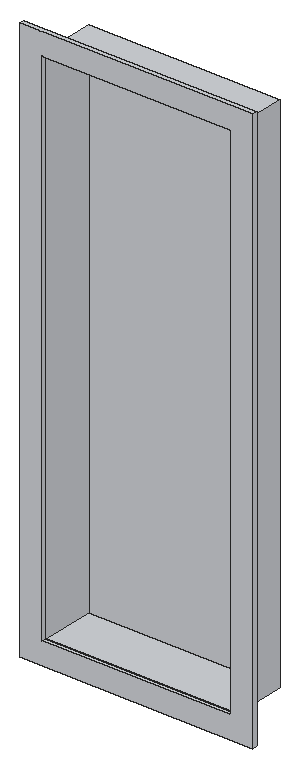
Revit family "Hager-VOLTA-Flush_mounted-Other-Without_Cover-Without_DIN-NoHosted-PL-en", category Electrical Equipment, Revit 2023
Family settings
  Panel Configuration = Two Columns, Circuits Across
  Round Connector Dimension = Use Diameter
  Part Type = Panelboard
  Work Plane-Based = Yes
  Always vertical = Yes
  Cut with Voids When Loaded = No
  Maintain Annotation Orientation = No
  Shared = No
  Room Calculation Point = No
Parameters (values of type "VOLTA-Flush_mounted_W348_H880_D98_12_Modular_Spacing-VU60NK")
  Width Control [instance] = if([HG000006-Flush mounted], if([EF000846 - Built-in width] > min_whd, [EF000846 - Built-in width], min_whd), if([EF000008 - Width] > min_whd, ([EF000008 - Width]), min_whd))  # 314 mm
  Void Depth [instance] = if([EF000218 - Built-in depth] > 1 mm, [EF000218 - Built-in depth], 1 mm)  # 90 mm
  Uniformat code = "D501001"
  Uniformat = "Low Tension Service & Dist."
  Référence = ""
  HG000131 - Functional label [instance] = ""
  HG000130 - Functional name [instance] = ""
  HG000099-Onfly Template ID = "507532"
  HG000059-Operating voltage [instance] = 230 V
  ETIM class name = "Small distribution board"
  ETIM class code = "EC000214"
  EF015941 - Signal passing door = no
  EF015777 - Neutral terminal block = no
  EF015776 - Earthing terminal block = no
  EF009212 - Cover model = ""
  EF006306 - With lock = no
  EF006244 - Transparent cover/door = no
  EF005474 - Degree of protection (IP) = "Other"
  EF004462 - Type of closure = "Other"
  EF002950 - Width in number of modular spacings = 12
  EF001596 - Housing material = ""
  EF001134 - DIN-rail = no
  EF001131 - Inner depth = 0 mm
  EF001088 - Extension possible = yes
  EF001062 - EMC-version = no
  EF000846 - Built-in width = 314 mm
  EF000339 - Type of covering = ""
  EF000332 - Built-in height = 865 mm
  EF000266 - Number of rows = 5
  EF000218 - Built-in depth = 90 mm
  EF000118 - With mounting plate = no
  EF000116 - RAL-number = 9010
  EF000049 - Depth = 98 mm
  EF000040 - Height = 880 mm
  EF000008 - Width = 348 mm
  EF000007 - Colour = "White"
  EF000003 - Mounting method = "Flush-mounted"
  EF004464 - Type of door = ""
  EF000024 - UV resistant = no
  Type Comments = ""
  System Height [instance] = Height Control - 2 * [HG000005-Thickness]  # 861 mm
  Reference description = ""
  Reference = "VOLTA-Flush_mounted_W348_H880_D98_12_Modular_Spacing-VU60NK"
  Panel Name [instance] = ""  # (empty or 0)
  Offset [instance] = 0 mm
  Object type = ""
  Name hager = "ADD_Enclosures_EC000214"
  Name BIM&CO = "Electricity"
  Name = "VOLTA-Flush_mounted-Other-Without_Cover-Without_DIN-PL"
  Model = ""
  Level Offset [instance] = [Flush Mounted - Door Frame Width] + Offset  # 15 mm
  HGEF002950-Width in number of modular spacings = 12
  HGEF000266-Number of rows = 5
  HG000060-RAL-number = "9010"
  HG000017-Distance between poles = 18 mm
  HG000016-Door 3D visibility = yes
  HG000015-Clearance visibility = yes
  HG000014-Door on the right = yes
  HG000013-Door on the left = not([HG000014-Door on the right])  # no
  HG000012-Door swing angle = 90.00°
  HG000011-Empty rows from bottom = no
  HG000010-Asymmetric doors = no
  HG000009-Double swing door = no
  HG000008-Number of empty rows = 0
  HG000007-Number of empty columns = 0
  HG000006-Flush mounted = yes
  HG000005-Thickness = 2 mm
  HG000004-Manufacturer reference = "VU60NK"
  HG000003-Range = "VOLTA"
  HG000002-With door or cover = no
  HG000001-Number of columns = 0
  GTIN (Global Trade Item Number) = ""
  Description = ""
  Default Elevation = 1200 mm
  Creation Date = "12/15/2025 21:47:11"
  Code hager = "ADD-EC000214_EU"
  Code Uniformat = ""
  BIM&CO code = ""
  BC_VARIANT_ID = "1174411"
  BC_OBJECT_VERSION = "#5"  # constant formula
  BC_OBJECT_ID = "513498"  # constant formula
  BC_MODEL_ID = "1547216"  # constant formula
  BC_METADATA = "{\"ObjectGuid\":\"bc35c96e-cb38-443e-833d-0616858cb9ac\",\"ModelGuid\":\"8af03f69-2293-4735-a617-cc53adf55621\",\"VariantGuid\":\"8b6e323b-1b53-409a-a940-11b5a7fc5337\",\"Revision\":\"#4\",\"VariantName\":\"Template-Enclosure_EU-EC000214\"}"
  Arrow Offset [instance] = Depth Control / 8  # 11.25 mm
  Arrow Height [instance] = Depth Control - Arrow Offset  # 78.75 mm
  Host Offset [instance] = if([HG000006-Flush mounted], 0 mm, [EF000049 - Depth])  # 0 mm
  min_whd [instance] = (2 * [HG000005-Thickness]) + 1 mm  # 5 mm
  Manufacturer = "Hager"  # constant formula
  Height Control [instance] = if([HG000006-Flush mounted], if([EF000332 - Built-in height] > min_whd, [EF000332 - Built-in height], min_whd), if([EF000040 - Height] > min_whd, ([EF000040 - Height]), min_whd))  # 865 mm
  Flush Mounted - Door Frame Width [instance] = if(([EF000040 - Height] - [EF000332 - Built-in height]) > 0 mm, if([HG000006-Flush mounted], [EF000040 - Height] - [EF000332 - Built-in height], 0 mm), 0 mm)  # 15 mm
  Depth Control [instance] = if([HG000006-Flush mounted], if([EF000218 - Built-in depth] > 0 mm, [EF000218 - Built-in depth], 1 mm), if([EF000049 - Depth] > 0 mm, ([EF000049 - Depth]), 1 mm))  # 90 mm
Types (5, lengths in mm): name | EF009212 - Cover model | EF004462 - Type of closure | EF001062 - EMC-version | EF000332 - Built-in height | EF000266 - Number of rows | EF000116 - RAL-number | EF000049 - Depth | EF000040 - Height | EF000008 - Width | EF000007 - Colour | System Height | Reference | Level Offset | HGEF000266-Number of rows | HG000060-RAL-number | HG000004-Manufacturer reference | BC_VARIANT_ID | Height Control | Flush Mounted - Door Frame Width
  VOLTA-Flush_mounted_W330_H355_D94_12_Modular_Spacing-VU12NK | "Closed" | "" | yes | 346 | 1 | 7035 | 94 | 355 | 330 | "Grey" | 342 | "VOLTA-Flush_mounted_W330_H355_D94_12_Modular_Spacing-VU12NK" | 9 | 1 | "7035" | "VU12NK" | "1174404" | 346 | 9
  VOLTA-Flush_mounted_W348_H505_D98_12_Modular_Spacing-VU24NK | "" | "Other" | no | 471 | 2 | 9010 | 98 | 505 | 348 | "White" | 467 | "VOLTA-Flush_mounted_W348_H505_D98_12_Modular_Spacing-VU24NK" | 34 | 2 | "9010" | "VU24NK" | "1174406" | 471 | 34
  VOLTA-Flush_mounted_W348_H630_D98_12_Modular_Spacing-VU36NK | "" | "Other" | no | 596 | 3 | 9010 | 98 | 630 | 348 | "White" | 592 | "VOLTA-Flush_mounted_W348_H630_D98_12_Modular_Spacing-VU36NK" | 34 | 3 | "9010" | "VU36NK" | "1174408" | 596 | 34
  VOLTA-Flush_mounted_W348_H755_D98_12_Modular_Spacing-VU48NK | "" | "Other" | no | 721 | 4 | 9010 | 98 | 755 | 348 | "White" | 717 | "VOLTA-Flush_mounted_W348_H755_D98_12_Modular_Spacing-VU48NK" | 34 | 4 | "9010" | "VU48NK" | "1174409" | 721 | 34
  VOLTA-Flush_mounted_W348_H880_D98_12_Modular_Spacing-VU60NK | "" | "Other" | no | 865 | 5 | 9010 | 98 | 880 | 348 | "White" | 861 | "VOLTA-Flush_mounted_W348_H880_D98_12_Modular_Spacing-VU60NK" | 15 | 5 | "9010" | "VU60NK" | "1174411" | 865 | 15
Reference planes
  plane 1 "Center (Front/Back)": y = 0
  plane 2: z = 0
  plane 3 "Center (Left/Right)": x = 0
  plane 4: y = 17
  plane 5: y = 90
  plane 6: y = 15
  plane 7: z = 0
  plane 8: x = -157
  plane 9: x = 157
  plane 10: x = 155
  plane 11: x = -155
  plane 12: z = 15
  plane 13: z = 17
  plane 14: y = 5
  plane 15: y = 0
  plane 16: y = 88
  plane 17: z = 878
  plane 18: z = 880
  plane 19: z = 447.5
  plane 20: x = 0
  plane 21: y = -100
  plane 22 "Annotation H": y = -300
  plane 23 "Annotation V": x = 357
Forms (mm)
  Extrusion 1, solid
    sketch origin (-208.679, -4572, 15) x (-1, 0, 0) y (0, -1, 0)
      loop
        line (-51.679, -4572) -> (-365.679, -4572) -> (-365.679, -4662) -> (-51.679, -4662) -> (-51.679, -4572)
    from 0 to 865 <- "Height Control"
  Extrusion 2, void
    sketch origin (-350.771, 0, 1219.2) x (1, 0, 0) y (0, 0, 1)
      loop
        line (195.771, -341.2) -> (195.771, -1202.2) -> (505.771, -1202.2) -> (505.771, -341.2) -> (195.771, -341.2)
    from 0 to -88
  Extrusion 3, solid, detail levels coarse+medium
    sketch origin (-350.771, 0, 1219.2) x (-1, 0, 0) y (0, 0, 1)
      loop
        line (-195.771, -341.2) -> (-505.771, -341.2) -> (-505.771, -1202.2) -> (-195.771, -1202.2) -> (-195.771, -341.2)
    from 0 to 2 <- "HG000005-Thickness"
Cuts and joins
  Extrusion 2 cuts Extrusion 1
Dimensions and locks
  "Flush Mounted - Door Frame Width": plane 1 "Center (Front/Back)" to plane 6
  "HG000005-Thickness": plane 4 to plane 6
  "HG000005-Thickness": plane 8 to plane 11
  "HG000005-Thickness": plane 9 to plane 10
  equal spacing: plane 8, plane 3 "Center (Left/Right)", plane 9
  "Width Control": plane 8 to plane 9
  locked: plane 14 to plane 15 at 5
  "Host Offset": plane 1 "Center (Front/Back)" to plane 15
  "Depth Control": plane 5 to plane 15
  "HG000005-Thickness": plane 5 to plane 16
  "HG000005-Thickness": plane 13 to plane 12
  "Level Offset": plane 12 to level
  "HG000005-Thickness": plane 18 to plane 17
  "Height Control": plane 18 to plane 12
  "Arrow Offset": plane 5 to nested 4
  equal spacing: plane 18, plane 19, plane 12
  locked: connector elem to plane 19
  locked: connector elem to plane 3 "Center (Left/Right)"
  Extrusion 2 sketch curve to Extrusion 2 sketch curve to plane 9 = 310 mm, 2 mm
  locked: plane 9 to plane 23 "Annotation V" at 200
  locked: plane 22 "Annotation H" to plane 1 "Center (Front/Back)" at 300
  aligned and locked: nested 1 to plane 14
  aligned and locked: plane 3 "Center (Left/Right)" to nested 1
  aligned and locked: plane 3 "Center (Left/Right)" to nested 2
  aligned and locked: nested 2 to plane 15
  aligned and locked: plane 5 to Extrusion 1
  aligned and locked: Extrusion 3 sketch curve to plane 17
  aligned and locked: Extrusion 3 sketch curve to plane 11
  aligned and locked: plane 13 to Extrusion 3 sketch curve
  aligned and locked: Extrusion 3 sketch curve to plane 10
  aligned and locked: plane 13 to Extrusion 2 sketch curve
  aligned and locked: Extrusion 2 sketch curve to plane 17
  aligned and locked: plane 16 to Extrusion 2
  aligned and locked: plane 5 to Extrusion 1 sketch curve
  aligned and locked: plane 9 to Extrusion 1 sketch curve
  aligned and locked: plane 8 to Extrusion 1 sketch curve
  aligned and locked: plane 8 to nested 4
  aligned and locked: plane 8 to nested 3
  aligned and locked: nested 3 to plane 5
  aligned and locked: Extrusion 1 sketch curve to plane 15
  aligned and locked: Extrusion 2 to plane 15
  aligned and locked: nested 5 to plane 22 "Annotation H"
  aligned and locked: plane 23 "Annotation V" to nested 5
  aligned and locked: plane 11 to Extrusion 2
  aligned and locked: plane 10 to Extrusion 2
Nested families
  nested 1: "Hager_Enclosure_System" at (0, 5, 17), Flush_Mounted <- "HG000006-Flush mounted", Height <- "System Height", Width_Control <- "Width Control", Row_Module_Multiplicator <- "HGEF002950-Width in number of modular spacings", Empty_Columns <- "HG000007-Number of empty columns", Border <- "HG000005-Thickness", Total_No_Empty_Rows <- "HG000008-Number of empty rows", Depth <- "HG000005-Thickness", Empty_Rows_From_Bottom <- "HG000011-Empty rows from bottom", Distance_Between_Poles <- "HG000017-Distance between poles", Rows_Count <- "HGEF000266-Number of rows", Columns_Count <- "HG000001-Number of columns", Built-in_Width <- "EF000846 - Built-in width", Width <- "EF000008 - Width", type "Hager_Enclosure_System", detail levels medium+fine
    with Width_Control 314 mm, Width 348 mm, Total_No_Rows 5, Total_No_Empty_Rows 0, Total_No_Columns 1, System_Width 310 mm, Rows_Count 5, Rows_Column 5, Row_Module_Multiplicator 12, Panel_4 no, Panel_3 no, Panel_2 no, Panel_1 no, No_Panels_Ctrl 1, Hide_Columns yes, Height 861 mm, Flush_Mounted yes, Empty_Rows_From_Bottom no, Empty_Rows_Column 0, Empty_Columns 0, Empty column 4 0, Empty column 3 0, Empty column 2 0, Empty column 1 0, Distance_Between_Poles 18 mm, Depth 2 mm, Columns_Count 0, Column_Width 310 mm, Built-in_Width 314 mm, Border 2 mm
  nested 2: "Hager_Enclosure_Door" at (0, 0, 15), Double <- "HG000009-Double swing door", Height_Ctrl <- "Height Control", Angle <- "HG000012-Door swing angle", Door_Right <- "HG000014-Door on the right", Assymetrical <- "HG000010-Asymmetric doors", Flush_Mounted <- "HG000006-Flush mounted", Door <- "HG000002-With door or cover", Width_Ctrl <- "Width Control", 3d_Door <- "HG000016-Door 3D visibility", Border <- "HG000005-Thickness", Clearance <- "HG000015-Clearance visibility", Door_Left <- "HG000013-Door on the left", BuiltIn_Depth <- "EF000218 - Built-in depth", Depth <- "EF000049 - Depth", BuiltIn_Width <- "EF000846 - Built-in width", Height <- "EF000040 - Height", BuiltIn_Height <- "EF000332 - Built-in height", Width <- "EF000008 - Width", Transparent <- "EF006244 - Transparent cover/door", type "Hager_Enclosure_Door", detail levels medium+fine
    with min_wh 5 mm, Width_Ctrl 314 mm, Width 348 mm, Transparent_Door_No_Bottom_Border no, Transparent no, Leaf_Width 307 mm, Leaf_Tolerance 1.5 mm, Leaf_Height 858 mm, Leaf_2_Width 307 mm, Leaf_2_Offset 153.5 mm, Leaf_1_Width 307 mm, Leaf_1_Offset 153.5 mm, Height_Ctrl 865 mm, Height 880 mm, Frame_Width_Ctrl 34 mm, Frame_Width 34 mm, Frame_Internal_Offset 2 mm, Frame_Height_Ctrl 15 mm, Frame_Height 15 mm, Frame_Depth_Ctrl 8 mm, Frame_Depth 8 mm, Flush_Mounted yes, Double_Clearance_Ctrl no, Double no, Door_Right_Ctrl no, Door_Right yes, Door_Left_Ctrl no, Door_Left no, Door no, Depth 98 mm, Clearance_Depth 307 mm, Clearance_Ctrl yes, Clearance yes, BuiltIn_Width 314 mm, BuiltIn_Height 865 mm, BuiltIn_Depth 90 mm, Border 2 mm, Assymetrical no, Angle 90.00°, 3d_Door yes
  nested 3: "Hager_Enclosure_Symbol_Triangle" at (-157, 90, 0), Depth <- "Depth Control", Width <- "Width Control", type "Hager_Enclosure_Symbol_Triangle"
    with Width_Ctrl 314 mm, Width 314 mm, Depth_Ctrl 90 mm, Depth 90 mm
  nested 4: "Hager_Enclosure_Symbol_Arrow" at (-157, 78.75, 0), Height <- "Arrow Height", type "Hager_Enclosure_Symbol_Arrow"
    with Width_Inside 5.906 mm, Width 70.875 mm, Height_Ctrl 78.75 mm, Height 78.75 mm
  nested 5: "Hager_Annotation-HG000130" at (357, -300, 0), HG000130 - Functional name <- "HG000130 - Functional name", type "Hager_Annotation-HG000130"
    with HG000130 - Functional name ""
Connectors
  electrical at (0, 90, 447.5), driven by "HG000059-Operating voltage"
    settings: on plane 5, index 1, voltage 230 V, apparent load 0 VA, apparent load phase1 0 VA, apparent load phase2 0 VA, apparent load phase3 0 VA, power factor 1, load classification "Other", number of poles 1, system type 30, power factor state 1, is connector primary yes, connector utility no, sub classification motor no, connector description ""
Definition of nested family "Hager_Enclosure_Door"
  Parameters (values of type "Hager_Enclosure_Door")
    min_wh [instance] = (2 * Border) + 1 mm  # 11 mm
    Width_Ctrl [instance] = 400 mm
    Width [instance] = 500 mm
    Transparent_Door_No_Bottom_Border [instance] = no
    Transparent [instance] = yes
    Leaf_Width [instance] = if((Width_Ctrl - 2 * Border - 2 * Leaf_Tolerance) > 0 mm, (Width_Ctrl - 2 * Border - 2 * Leaf_Tolerance), min_wh)  # 387 mm
    Leaf_Tolerance [instance] = 1.5 mm  # constant formula
    Leaf_Height [instance] = if((Height_Ctrl - 2 * Border - 2 * Leaf_Tolerance) > 0 mm, (Height_Ctrl - 2 * Border - 2 * Leaf_Tolerance), min_wh)  # 387 mm
    Leaf_2_Width [instance] = if(and(and(Double, Assymetrical), Door_Left), (Leaf_Width / 3) - (Leaf_Tolerance / 2), if(and(and(Double, Assymetrical), Door_Right), (Leaf_Width / 3) * 2 - (Leaf_Tolerance / 2), if(and(Double, not(Assymetrical)), (Leaf_Width / 2) - Leaf_Tolerance, Leaf_Width)))  # 387 mm
    Leaf_2_Offset [instance] = if(and(Double, Assymetrical), Leaf_2_Width / 2, if(and(Double, not(Assymetrical)), Leaf_Width / 4, Leaf_Width / 2))  # 193.5 mm
    Leaf_1_Width [instance] = if(and(and(Double, Assymetrical), Door_Right), (Leaf_Width / 3) - (Leaf_Tolerance / 2), if(and(and(Double, Assymetrical), Door_Left), (Width / 3) * 2 - (Leaf_Tolerance / 2), if(and(Double, not(Assymetrical)), (Leaf_Width / 2) - Leaf_Tolerance, Leaf_Width)))  # 387 mm
    Leaf_1_Offset [instance] = if(and(Double, Assymetrical), Leaf_1_Width / 2, if(and(Double, not(Assymetrical)), Leaf_Width / 4, Leaf_Width / 2))  # 193.5 mm
    Height_Ctrl [instance] = 400 mm
    Height [instance] = 500 mm
    Frame_Width_Ctrl [instance] = if(Frame_Width > 0 mm, Frame_Width, 1 mm)  # 1 mm
    Frame_Width [instance] = Width - BuiltIn_Width  # 0 mm
    Frame_Internal_Offset [instance] = if(Flush_Mounted, Border, 0 mm)  # 5 mm
    Frame_Height_Ctrl [instance] = if(Frame_Height > 0 mm, Frame_Height, 1 mm)  # 1 mm
    Frame_Height [instance] = Height - BuiltIn_Height  # 0 mm
    Frame_Depth_Ctrl [instance] = if(Frame_Depth > 0 mm, Frame_Depth, 1 mm)  # 1 mm
    Frame_Depth [instance] = if(Depth - BuiltIn_Depth > 0 mm, if(Flush_Mounted, Depth - BuiltIn_Depth, 0 mm), 0 mm)  # 0 mm
    Flush_Mounted [instance] = yes
    Double_Clearance_Ctrl [instance] = and(Double, Clearance)  # no
    Double [instance] = no
    Door_Right_Ctrl [instance] = and(or(Door_Right, Double), Door)  # yes
    Door_Right [instance] = yes
    Door_Left_Ctrl [instance] = and(or(Door_Left, Double), Door)  # no
    Door_Left [instance] = no
    Door [instance] = yes
    Depth [instance] = 500 mm
    Default Elevation = 1219.2 mm
    Clearance_Material = none
    Clearance_Depth [instance] = if(Leaf_1_Width > Leaf_2_Width, Leaf_1_Width, Leaf_2_Width)  # 387 mm
    Clearance_Ctrl [instance] = and(not(Double), Clearance)  # yes
    Clearance [instance] = yes
    BuiltIn_Width [instance] = 500 mm
    BuiltIn_Height [instance] = 500 mm
    BuiltIn_Depth [instance] = 500 mm
    Border [instance] = 5 mm
    Assymetrical [instance] = yes
    Angle [instance] = 30.00°
    3d_Door [instance] = yes
  Reference planes
    plane 1 "Center (Front/Back)": y = 0
    plane 2 "Bottom": z = 0
    plane 3 "Center (Left/Right)": x = 0
    plane 4: z = 400
    plane 5: x = -200
    plane 6: x = 200
    plane 7: z = 395
    plane 8: x = -195
    plane 9: z = 5
    plane 10: x = 195
    plane 11: y = 0
    plane 12: z = 6.5
    plane 13: x = -582
    plane 14: y = -387
    plane 15: x = 582
    plane 16: x = 0
    plane 17: x = 0
    plane 18: x = -193.5
    plane 19: x = 193.5
    plane 20: z = 393.5
  Forms (mm)
    Extrusion 1, solid, visible <- "Flush_Mounted"
      sketch origin (0, 0, 0) x (1, 0, 0) y (0, 0, 1)
        loop
          line (195, 5) -> (195, 395) -> (-195, 395) -> (-195, 5) -> (195, 5)
        loop
          line (-201, 401) -> (-201, -1) -> (201, -1) -> (201, 401) -> (-201, 401)
      from 0 to 1 <- "Frame_Depth_Ctrl"
    Extrusion 2, solid, material <- "Clearance_Material", visible <- "Double_Clearance_Ctrl"
      sketch origin (1200, 0, 0) x (1, 0, 0) y (0, 0, -1)
        loop
          line (-1782, -393.5) -> (-618, -393.5) -> (-618, 0) -> (-1782, 0) -> (-1782, -393.5)
      from 0 to -387
  Dimensions and locks
    equal spacing: plane 5, plane 3 "Center (Left/Right)", plane 6
    "Width_Ctrl": plane 5 to plane 6
    "Border": plane 5 to plane 8
    "Border": plane 6 to plane 10
    "Border": plane 9 to level
    "Border": plane 4 to plane 7
    "Height_Ctrl": plane 4 to level
    "Leaf_Tolerance": plane 12 to plane 9
    "Frame_Depth": plane 11 to plane 1 "Center (Front/Back)"
    "Frame_Width_Ctrl": plane 5 to Extrusion 1 sketch curve
    "Frame_Width_Ctrl": plane 6 to Extrusion 1 sketch curve
    "Frame_Width_Ctrl": Extrusion 1 sketch curve to plane 4
    "Frame_Width_Ctrl": plane 2 "Bottom" to Extrusion 1 sketch curve
    "Leaf_1_Offset": plane 18 to plane 16
    "Leaf_2_Offset": plane 17 to plane 19
    "Leaf_1_Width": plane 13 to plane 8
    "Leaf_2_Width": plane 10 to plane 15
    "Clearance_Depth": plane 14 to plane 1 "Center (Front/Back)"
    "Leaf_Tolerance": plane 8 to plane 18
    "Leaf_Tolerance": plane 19 to plane 10
    "Leaf_Tolerance": plane 7 to plane 20
    "Frame_Internal_Offset": plane 5 to Extrusion 1 sketch curve
    "Frame_Internal_Offset": Extrusion 1 sketch curve to plane 2 "Bottom"
    "Frame_Internal_Offset": plane 6 to Extrusion 1 sketch curve
    "Frame_Internal_Offset": plane 4 to Extrusion 1 sketch curve
    aligned and locked: level to plane 2 "Bottom"
    aligned and locked: nested 1 to plane 16
    aligned and locked: nested 2 to plane 17
    aligned and locked: Extrusion 2 to plane 13
    aligned and locked: plane 15 to Extrusion 2
    aligned and locked: Extrusion 2 to plane 14
    aligned and locked: plane 12 to nested 1
    aligned and locked: nested 2 to plane 12
    aligned and locked: Extrusion 2 to plane 11
    aligned and locked: plane 20 to Extrusion 2
    aligned and locked: nested 2 to plane 11
    aligned and locked: nested 1 to plane 11
  Automatic sketch dimensions
    Extrusion 2 sketch curve to level = 0 mm
    plane 5 to Extrusion 2 sketch curve = 382 mm
    plane 6 to Extrusion 2 sketch curve = 382 mm
    Extrusion 2 sketch curve to plane 4 = 6.5 mm
  Nested families
    nested 1: "Hager_Enclosure_Door_Leaf" at (0, 0, 6.5), Width <- "Leaf_1_Width", visible <- "Door_Left_Ctrl", Leaf_Height <- "Leaf_Height", Angle <- "Angle", Depth <- "Border", 3d_Door <- "3d_Door", Transparent <- "Transparent", Clearance Material <- "Clearance_Material", Clearance <- "Clearance_Ctrl", Transparent_Door_No_Bottom_Border <- "Transparent_Door_No_Bottom_Border", type "Hager_Enclosure_Door_Leaf"
      with Width 387 mm, Transparent_Door_No_Bottom_Border no, Transparent_Door_Border_Bottom_Top 25 mm, Transparent_Door_Border 25 mm, Transparent_Ctrl yes, Transparent yes, Standard no, Leaf_Height 387 mm, Glass_Offset 1 mm, Depth 5 mm, Clearance Material none, Clearance yes, Angle_Ctrl 30.00°, Angle 30.00°, 3d_Door yes
    nested 2: "Hager_Enclosure_Door_Leaf" at (0, 0, 6.5) x (-1, 0, 0) z (0, 0, 1), Width <- "Leaf_2_Width", visible <- "Door_Right_Ctrl", Leaf_Height <- "Leaf_Height", Angle <- "Angle", Depth <- "Border", 3d_Door <- "3d_Door", Transparent <- "Transparent", Clearance Material <- "Clearance_Material", Clearance <- "Clearance_Ctrl", Transparent_Door_No_Bottom_Border <- "Transparent_Door_No_Bottom_Border", type "Hager_Enclosure_Door_Leaf"
      with Width 387 mm, Transparent_Door_No_Bottom_Border no, Transparent_Door_Border_Bottom_Top 25 mm, Transparent_Door_Border 25 mm, Transparent_Ctrl yes, Transparent yes, Standard no, Leaf_Height 387 mm, Glass_Offset 1 mm, Depth 5 mm, Clearance Material none, Clearance yes, Angle_Ctrl 30.00°, Angle 30.00°, 3d_Door yes
  Definition of nested family "Hager_Enclosure_Door_Leaf"
    Parameters (values of type "Hager_Enclosure_Door_Leaf")
      Width [instance] = 2000 mm
      Transparent_Door_No_Bottom_Border [instance] = yes
      Transparent_Door_Border_Bottom_Top [instance] = if(Transparent_Door_No_Bottom_Border, 0.1 mm, Transparent_Door_Border)  # 0.1 mm
      Transparent_Door_Border [instance] = if(Transparent_Door_No_Bottom_Border, (Width * 0.12), 25 mm)  # 240 mm
      Transparent_Ctrl [instance] = and(Transparent, [3d_Door])  # yes
      Transparent [instance] = yes
      Standard [instance] = and(not(Transparent), [3d_Door])  # no
      Leaf_Height [instance] = 2720.336 mm
      Glass_Offset [instance] = if((Depth - 10 mm) / 2 > 0 mm, (Depth - 10 mm) / 2, 1 mm)  # 15 mm
      Glass_Material = none
      Depth [instance] = 40 mm
      Default Elevation = 0 mm
      Clearance Material [instance] = none
      Clearance [instance] = yes
      Angle_Ctrl [instance] = if(Angle > 170.00°, 170.00°, Angle)  # 45.00°
      Angle [instance] = 45.00°
      3d_Door [instance] = yes
    Reference planes
      plane 1 "Center (Front/Back)": y = 0
      plane 2: z = 0
      plane 3 "Center (Left/Right)": x = 0
      plane 4: y = 2000
      plane 5: x = -1000
      plane 6: x = 1000
      plane 7: x = -3000
      plane 8: z = 2720.336
      plane 9: z = 0.1
      plane 10: z = 2720.236
      plane 11: x = 760
      plane 12: x = -760
    Forms (mm)
      Extrusion 1, solid, material <- "Clearance Material", visible <- "Clearance"
        sketch origin (0, 0, 0) x (1, 0, 0) y (0, 0, 1)
          loop
            line (-3000, 2720.336) -> (-3000, 0) -> (1000, 0) -> (1000, 2720.336) -> (-3000, 2720.336)
        from 0 to -2000
      Extrusion 2, solid, visible <- "Standard", detail levels medium+fine
        sketch origin (-1000, 0, 0) x (0.707107, 0.707107, 0) y (-0.707107, 0.707107, 0)
          loop
            line (0, -40) -> (2000, -40) -> (2000, 0) -> (0, 0) -> (0, -40)
        from 0 to 2720.336 <- "Leaf_Height"
      Extrusion 3, solid, visible <- "Transparent_Ctrl", detail levels medium+fine
        sketch origin (-1000, 0, 0) x (0.707107, 0.707107, 0) y (-0.707107, 0.707107, 0)
          loop
            line (0, -40) -> (2000, -40) -> (2000, 0) -> (0, 0) -> (0, -40)
        from 0 to 2720.336 <- "Leaf_Height"
      Extrusion 4, void, detail levels medium+fine
        sketch origin (-1000, 0, 0) x (-0.707107, 0.707107, 0) y (0.707107, 0.707107, 0)
          loop
            line (0, 240) -> (0, 1760) -> (-40, 1760) -> (-40, 240) -> (0, 240)
        from -2720.236 to -0.1
      Extrusion 5, solid, material <- "Glass_Material", visible <- "Transparent_Ctrl", detail levels medium+fine
        sketch origin (-1000, 0, 0) x (0.707107, 0.707107, 0) y (-0.707107, 0.707107, 0)
          loop
            line (240, -15) -> (240, -25) -> (1760, -25) -> (1760, -15) -> (240, -15)
        from 0.1 to 2720.236
    Cuts and joins
      Extrusion 4 cuts Extrusion 3
    Lines and regions (mm)
      symbolic lines
        curve 1: line (1000, 0, 0) -> (-3000, 0, 0)
        curve 2: arc (1000, 0, 0) -> (-1000, 2000, 0) -> (-3000, 0, 0) r 2000
        curve 4: line (-1000, 0, 0) -> (414.214, 1414.214, 0)
      reference lines
        curve 3: line (-1000, 0, 0) -> (414.214, 1414.214, 0)
      symbolic lines, detail levels medium+fine
        curve 5: line (414.214, 1414.214, 0) -> (442.498, 1385.929, 0)
        curve 6: line (442.498, 1385.929, 0) -> (-971.716, -28.284, 0)
        curve 7: line (-971.716, -28.284, 0) -> (-1000, 0, 0)
        curve 8: line (-1000, 0, 2720.336) -> (1000, 0, 2720.336)
        curve 9: line (-1000, 0, 0) -> (-1000, 0, 2720.336)
        curve 10: line (1000, 0, 0) -> (-1000, 0, 0)
        curve 11: line (1000, 0, 2720.336) -> (1000, 0, 0)
      symbolic lines, visible <- "Transparent_Ctrl", detail levels medium+fine
        curve 12: line (-760, 0, 2720.236) -> (760, 0, 2720.236)
        curve 13: line (-760, 0, 0.1) -> (-760, 0, 2720.236)
        curve 14: line (760, 0, 0.1) -> (-760, 0, 0.1)
        curve 15: line (760, 0, 2720.236) -> (760, 0, 0.1)
    Dimensions and locks
      "Width": plane 1 "Center (Front/Back)" to plane 4
      equal spacing: plane 5, plane 3 "Center (Left/Right)", plane 6
      "Width": plane 5 to plane 6
      "Width": plane 7 to plane 5
      "Leaf_Height": plane 8 to level
      "Depth": curve 6 to curve 3
      "Width": curve 5 to curve 3
      "Width": curve 3 to curve 3
      "Transparent_Door_Border": Extrusion 4 sketch curve to curve 7
      "Transparent_Door_Border": Extrusion 4 sketch curve to curve 5
      "Transparent_Door_Border_Bottom_Top": plane 8 to plane 10
      "Transparent_Door_Border_Bottom_Top": plane 9 to level
      "Glass_Offset": Extrusion 5 sketch curve to curve 4
      "Glass_Offset": Extrusion 5 sketch curve to curve 6
      "Transparent_Door_Border": Extrusion 5 sketch curve to curve 5
      "Transparent_Door_Border": Extrusion 5 sketch curve to curve 7
      "Transparent_Door_Border": plane 12 to plane 5
      "Transparent_Door_Border": plane 6 to plane 11
      "Angle_Ctrl": angle plane 1 "Center (Front/Back)" to curve 3
      aligned and locked: level to plane 2
      aligned and locked: Extrusion 1 to curve 1
      aligned and locked: plane 6 to Extrusion 1
      aligned and locked: Extrusion 1 to plane 1 "Center (Front/Back)"
      aligned and locked: plane 4 to Extrusion 1
      aligned and locked: plane 8 to Extrusion 1
      aligned and locked: curve 4 to curve 3
      aligned and locked: Extrusion 2 sketch curve to curve 7
      aligned and locked: Extrusion 2 sketch curve to curve 6
      aligned and locked: Extrusion 2 sketch curve to curve 5
      aligned and locked: Extrusion 2 sketch curve to curve 3
      aligned and locked: curve 7 to Extrusion 3 sketch curve
      aligned and locked: Extrusion 3 sketch curve to curve 4
      aligned and locked: Extrusion 3 sketch curve to curve 6
      aligned and locked: Extrusion 3 sketch curve to curve 5
      aligned and locked: curve 4 to Extrusion 4 sketch curve
      aligned and locked: curve 6 to Extrusion 4 sketch curve
      aligned and locked: Extrusion 4 to plane 9
      aligned and locked: Extrusion 4 to plane 10
      aligned and locked: Extrusion 5 to plane 9
      aligned and locked: Extrusion 5 to plane 10
      aligned and locked: curve 8 to plane 8
      aligned and locked: plane 5 to curve 9
      aligned and locked: plane 2 to curve 10
      aligned and locked: curve 11 to plane 6
      aligned and locked: plane 10 to curve 12
      aligned and locked: plane 12 to curve 13
      aligned and locked: curve 14 to plane 9
      aligned and locked: plane 11 to curve 15
    Automatic sketch dimensions
      plane 1 "Center (Front/Back)" to curve 2 = 0 mm
      curve 2 to plane 5 = 0 mm
      Extrusion 1 sketch curve to level = 0 mm
      Extrusion 1 sketch curve to plane 7 = 0 mm
      Extrusion 1 sketch curve to plane 6 = 0 mm
      Extrusion 1 sketch curve to plane 8 = 0 mm
      plane 1 "Center (Front/Back)" to curve 3 = 0 mm
      curve 3 to plane 5 = 0 mm
      curve 7 to curve 3 = 0 mm
Definition of nested family "Hager_Enclosure_Symbol_Triangle"
  Parameters (values of type "Hager_Enclosure_Symbol_Triangle")
    Width_Ctrl [instance] = if(Width > 1 mm, Width, 1 mm)  # 498 mm
    Width [instance] = 498 mm
    Depth_Ctrl [instance] = if(Depth > 1 mm, Depth, 1 mm)  # 72 mm
    Depth [instance] = 72 mm
  Reference planes
    plane 1 "Centre (avant/arrière)": y = 0
    plane 2: z = 0
    plane 3 "Centre (gauche/droite)": x = 0
  Lines and regions (mm)
    Filled region 1, type "Solid_Black", in view "Niveau de réf."
      outline origin (0, 0, 0) x (1, 0, 0) y (0, 1, 0)
        loop
          line (0, 0) -> (498, 0) -> (498, 72) -> (0, 0)
    reference lines, in view "Niveau de réf."
      curve 1: line (-206.153, 72, 0) -> (1083.258, 72, 0)
      curve 2: line (498, 405.456, 0) -> (498, -517.619, 0)
  Dimensions and locks
    "Depth_Ctrl": plane 1 "Centre (avant/arrière)" to curve 1
    "Width_Ctrl": plane 3 "Centre (gauche/droite)" to curve 2
    aligned and locked: curve 1 to Filled region 1 sketch curve
    aligned and locked: Filled region 1 sketch curve to plane 1 "Centre (avant/arrière)"
    aligned and locked: curve 2 to Filled region 1 sketch curve
    aligned and locked: plane 3 "Centre (gauche/droite)" to Filled region 1 sketch curve
    aligned and locked: plane 1 "Centre (avant/arrière)" to Filled region 1 sketch curve
  Automatic sketch dimensions
    curve 1 to plane 3 "Centre (gauche/droite)" = 206.153 mm
    curve 2 to curve 1 = 585.258 mm
    plane 1 "Centre (avant/arrière)" to curve 2 = 517.619 mm
    curve 2 to plane 1 "Centre (avant/arrière)" = 405.456 mm
Definition of nested family "Hager_Enclosure_Symbol_Arrow"
  Parameters (values of type "Hager_Enclosure_Symbol_Arrow")
    Width_Inside [instance] = if(Width / 12 > 2 mm, Width / 12, 2 mm)  # 4.987 mm
    Width [instance] = if(Height_Ctrl * 0.9 > 2 mm, Height_Ctrl * 0.9, 2 mm)  # 59.85 mm
    Height_Ctrl [instance] = if(Height > 2 mm, Height, 2 mm)  # 66.5 mm
    Height [instance] = 66.5 mm
  Reference planes
    plane 1 "Centre (avant/arrière)": y = 0
    plane 2: z = 0
    plane 3 "Centre (gauche/droite)": x = 0
    plane 4: x = 59.85
    plane 5: y = 28.263
    plane 6: y = 38.238
    plane 7: y = 66.5
    plane 8: x = 29.925
    plane 9: y = 33.25
  Lines and regions (mm)
    Filled region 1, type "Solid_Black", in view "Niveau de réf."
      outline origin (0, 0, 0) x (1, 0, 0) y (0, 1, 0)
        loop
          line (59.85, 66.5) -> (37.929, 52.827) -> (51.846, 41.935) -> (59.85, 66.5)
    detail lines, in view "Niveau de réf."
      curve 1: line (0, 0, 0) -> (29.925, 38.238, 0)
      curve 2: line (29.925, 38.238, 0) -> (29.925, 28.263, 0)
      curve 3: line (29.925, 28.263, 0) -> (59.85, 66.5, 0)
  Dimensions and locks
    "Width": plane 3 "Centre (gauche/droite)" to plane 4
    "Height_Ctrl": plane 7 to plane 1 "Centre (avant/arrière)"
    equal spacing: plane 3 "Centre (gauche/droite)", plane 8, plane 4
    equal spacing: plane 7, plane 9, plane 1 "Centre (avant/arrière)"
    equal spacing: plane 6, plane 9, plane 5
    "Width_Inside": plane 6 to plane 9
    equal spacing: curve 3, Filled region 1 sketch curve, Filled region 1 sketch curve
    angle Filled region 1 sketch curve to curve 3 = 20.00°
    angle curve 3 to Filled region 1 sketch curve = 20.00°
    locked: curve 3 to Filled region 1 sketch curve (angle 90.00°)
  Automatic sketch dimensions
    plane 1 "Centre (avant/arrière)" to curve 1 = 0 mm
    curve 1 to plane 3 "Centre (gauche/droite)" = 0 mm
    curve 2 to plane 6 = 0 mm
    curve 3 to plane 8 = 0 mm
    curve 3 to plane 4 = 0 mm
    curve 2 to plane 5 = 0 mm
    curve 3 to plane 7 = 0 mm
    Filled region 1 sketch curve to plane 4 = 0 mm
    Filled region 1 sketch curve to plane 7 = 0 mm
Definition of nested family "Hager_Annotation-HG000130"
  Parameters (values of type "Hager_Annotation-HG000130")
    HG000130 - Functional name [instance] = ""
  Reference planes
    plane 1: y = 0
    plane 2: x = 0
  Lines and regions (mm)
    detail lines
      curve 1: line (-27.5, 10, 0) -> (27.5, 10, 0)
      curve 2: line (-27.5, -10, 0) -> (-27.5, 10, 0)
      curve 3: line (27.5, -10, 0) -> (-27.5, -10, 0)
      curve 4: line (27.5, 10, 0) -> (27.5, -10, 0)
  Text (mm)
    label "HG000130 - Functional name" at (0.16, 0.026, 0), shows "HG000130 - Functional name"
